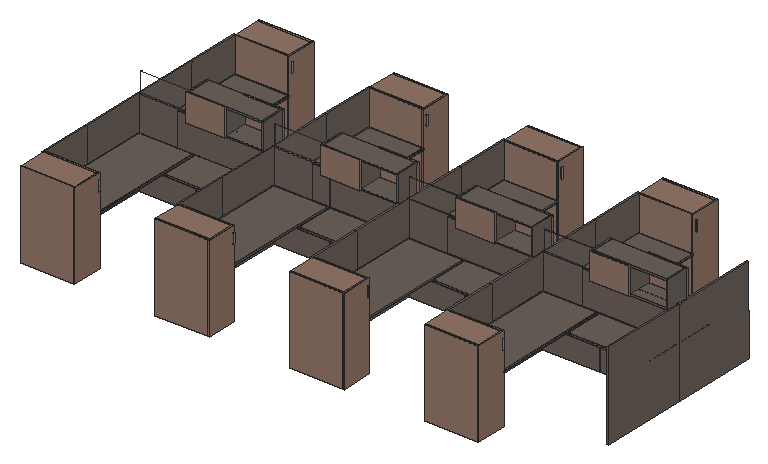
Revit family "OFS TYPICAL T200031", category Furniture, Revit 2022 (continued)
Definition of nested family "STAKS RECTANGULAR WORKSURFACES Long Grain"
  Types (26): name | Model | Description | Width
    STAKS RECTANGULAR WORKSURFACE 72 x 22 | "6-MCT-72/22" | "OFS STAKS 72 X 22 RECTANGULAR WORKSURFACE For Worksurface or Low Height Applications, Long Grain" | 6' - 0"
    STAKS RECTANGULAR WORKSURFACE 74 x 22 | "6-MCT-74/22" | "OFS STAKS 74 X 22 RECTANGULAR WORKSURFACE For Worksurface or Low Height Applications, Long Grain" | 6' - 2"
    STAKS RECTANGULAR WORKSURFACE 78 x 22 | "6-MCT-78/22" | "OFS STAKS 78 X 22 RECTANGULAR WORKSURFACE For Worksurface or Low Height Applications, Long Grain" | 6' - 6"
    STAKS RECTANGULAR WORKSURFACE 82.5 x 22 | "6-MCT-82.5/22" | "OFS STAKS 82.5 X 22 RECTANGULAR WORKSURFACE For Worksurface or Low Height Applications, Long Grain" | 6' - 10 1/2"
    STAKS RECTANGULAR WORKSURFACE 84 x 22 | "6-MCT-84/22" | "OFS STAKS 84 X 22 RECTANGULAR WORKSURFACE For Worksurface or Low Height Applications, Long Grain" | 7' - 0"
    STAKS RECTANGULAR WORKSURFACE 87.625 x 22 | "6-MCT-87.625/22" | "OFS STAKS 87.625 X 22 RECTANGULAR WORKSURFACE For Worksurface or Low Height Applications, Long Grain" | 7' - 3 5/8"
    STAKS RECTANGULAR WORKSURFACE 90 x 22 | "6-MCT-90/22" | "OFS STAKS 90 X 22 RECTANGULAR WORKSURFACE For Worksurface or Low Height Applications, Long Grain" | 7' - 6"
    STAKS RECTANGULAR WORKSURFACE 94 x 22 | "6-MCT-94/22" | "OFS STAKS 94 X 22 RECTANGULAR WORKSURFACE For Worksurface or Low Height Applications, Long Grain" | 7' - 10"
    STAKS RECTANGULAR WORKSURFACE 96 x 22 | "6-MCT-96/22" | "OFS STAKS 96 X 22 RECTANGULAR WORKSURFACE For Worksurface or Low Height Applications, Long Grain" | 8' - 0"
  Reference planes (in)
    plane 1: z = -0.125
    plane 2 "LEFT": x = 7.55498
    plane 3 "RIGHT": x = 23.17998
    plane 4 "BACK": y = -1.83365
    plane 5 "FRONT": y = -23.83365
    plane 6: x = 7.67998
    plane 7: x = 23.05498
    plane 8: y = -1.95865
    plane 9: y = -23.70865
    plane 10: z = 27.75
    plane 11 "SURFACE TOP": z = 28.875
  Forms (in)
    Extrusion 1, solid
      sketch origin (0, 0, 17.125) x (-1, 0, 0) y (0, -1, 0)
        loop
          line (-7.67998, 1.95865) -> (-7.67998, 23.70865) -> (-23.05498, 23.70865) -> (-23.05498, 1.95865) -> (-7.67998, 1.95865)
      from 11.75 to 10.625
    Sweep 2, solid
      path origin (0, 0, 28.875) x (0, 1, 0) y (-1, 0, 0)
        loop
          line (-23.83365, -7.55498) -> (-23.83365, -23.17998) -> (-1.83365, -23.17998) -> (-1.83365, -7.55498) -> (-23.83365, -7.55498)
      profile origin (15.36748, -23.83365, 28.875) x (0, 1, 0) y (0, 0, 1)
        loop
          arc (0.125, 0) -> (0.03661, -0.03661) -> (0, -0.125) r 0.125
          line (0, -0.125) -> (0, -1)
          arc (0, -1) -> (0.03661, -1.08839) -> (0.125, -1.125) r 0.125
          line (0.125, -1.125) -> (0.125, 0)
  Lines and regions (in)
    Masking region 1
      outline origin (0, 0, 16.625) x (-1, 0, 0) y (0, -1, 0)
        loop
          line (-7.67998, 1.95865) -> (-7.55498, 1.83365) -> (-7.55498, 23.83365) -> (-7.67998, 23.70865) -> (-7.67998, 1.95865)
    Masking region 2
      outline origin (0, 0, 16.625) x (-1, 0, 0) y (0, -1, 0)
        loop
          line (-7.55498, 1.83365) -> (-7.67998, 1.95865) -> (-23.05498, 1.95865) -> (-23.17998, 1.83365) -> (-7.55498, 1.83365)
    Masking region 3
      outline origin (0, 0, 16.625) x (-1, 0, 0) y (0, -1, 0)
        loop
          line (-23.17998, 1.83365) -> (-23.05498, 1.95865) -> (-23.05498, 23.70865) -> (-23.17998, 23.83365) -> (-23.17998, 1.83365)
    Masking region 4
      outline origin (0, 0, 16.625) x (-1, 0, 0) y (0, -1, 0)
        loop
          line (-23.17998, 23.83365) -> (-23.05498, 23.70865) -> (-7.67998, 23.70865) -> (-7.55498, 23.83365) -> (-23.17998, 23.83365)
    Masking region 5
      outline origin (0, 0, 16.625) x (-1, 0, 0) y (0, -1, 0)
        loop
          line (-23.05498, 23.70865) -> (-23.05498, 1.95865) -> (-7.67998, 1.95865) -> (-7.67998, 23.70865) -> (-23.05498, 23.70865)
  Dimensions and locks (in)
    "Depth": plane 4 "BACK" to plane 5 "FRONT"
    "Width": plane 2 "LEFT" to plane 3 "RIGHT"
    "Height": plane 11 "SURFACE TOP" to plane 10
    locked: plane 4 "BACK" to plane 8 at 0.125
    locked: plane 2 "LEFT" to plane 6 at 0.125
    locked: plane 7 to plane 3 "RIGHT" at 0.125
    locked: plane 9 to plane 5 "FRONT" at 0.125
    "Height Above Floor": plane 11 "SURFACE TOP" to level
    aligned: level to plane 1
    aligned and locked: plane 8 to Extrusion 1 sketch curve
    aligned and locked: Extrusion 1 sketch curve to plane 6
    aligned and locked: Extrusion 1 sketch curve to plane 9
    aligned and locked: plane 7 to Extrusion 1 sketch curve
    aligned and locked: plane 11 "SURFACE TOP" to Extrusion 1
    aligned and locked: Extrusion 1 to plane 10
    aligned and locked: Sweep 2 sketch curve to plane 5 "FRONT"
    aligned and locked: Sweep 2 sketch curve to plane 2 "LEFT"
    aligned and locked: plane 4 "BACK" to Sweep 2 sketch curve
    aligned and locked: plane 3 "RIGHT" to Sweep 2 sketch curve
  Automatic sketch dimensions
    Masking region 1 sketch curve to plane 6 = 0' - 0"
    Masking region 1 sketch curve to plane 2 "LEFT" = 0' - 0"
    Masking region 1 sketch curve to plane 4 "BACK" = 0' - 0"
    Masking region 1 sketch curve to plane 8 = 0' - 0"
    Masking region 1 sketch curve to plane 9 = 0' - 0"
    Masking region 1 sketch curve to plane 5 "FRONT" = 0' - 0"
    Masking region 2 sketch curve to plane 3 "RIGHT" = 0' - 0"
    Masking region 2 sketch curve to plane 7 = 0' - 0"
    Masking region 2 sketch curve to plane 6 = 0' - 0"
    Masking region 2 sketch curve to plane 2 "LEFT" = 0' - 0"
    Masking region 2 sketch curve to plane 4 "BACK" = 0' - 0"
    Masking region 2 sketch curve to plane 8 = 0' - 0"
    Masking region 3 sketch curve to plane 3 "RIGHT" = 0' - 0"
    Masking region 3 sketch curve to plane 7 = 0' - 0"
    Masking region 3 sketch curve to plane 4 "BACK" = 0' - 0"
    Masking region 3 sketch curve to plane 8 = 0' - 0"
    Masking region 3 sketch curve to plane 9 = 0' - 0"
    Masking region 3 sketch curve to plane 5 "FRONT" = 0' - 0"
    Masking region 4 sketch curve to plane 3 "RIGHT" = 0' - 0"
    Masking region 4 sketch curve to plane 7 = 0' - 0"
    Masking region 4 sketch curve to plane 6 = 0' - 0"
    Masking region 4 sketch curve to plane 2 "LEFT" = 0' - 0"
    Masking region 4 sketch curve to plane 9 = 0' - 0"
    Masking region 4 sketch curve to plane 5 "FRONT" = 0' - 0"
    Masking region 5 sketch curve to plane 7 = 0' - 0"
    Masking region 5 sketch curve to plane 6 = 0' - 0"
    Masking region 5 sketch curve to plane 8 = 0' - 0"
    Masking region 5 sketch curve to plane 9 = 0' - 0"
    Sweep 2 sketch curve to profile plane = 0' - 0"
    Sweep 2 sketch curve to plane 11 "SURFACE TOP" = 0' - 0"
    Sweep 2 sketch curve to profile plane = 0' - 0 1/8"
    Sweep 2 sketch curve to Sweep 2 sketch curve = 0' - 0 7/8"
Definition of nested family "STAKS WORKSURFACE HEIGHT PEDESTAL - FILE-FILE - NO RISER SUPPORT"
  Parameters (values of type "STAKS WORKSURFACE HEIGHT PEDESTAL - FILE-FILE - NO RISER SUPPORT 19in D")
    URL = "http://www.ofs.com/"
    Riser Support = 0' - 0"
    Model = "6-NW1619MPD3"
    Manufacturer = "OFS"
    Height = 2' - 3 7/8"
    Drawer Material = none
    Drawer Handle Width = 0' - 5 7/16"
    Drawer Handle Material = none
    Description = "OFS STAKS WORKSURFACE HEIGHT PEDESTAL - FILE-FILE - NO RISER SUPPORT 19\" D, Two File Drawers, Use with 22\"D Worksurfaces"
    Width = 1' - 3 5/8"
    Depth = 1' - 7 3/8"
    Default Elevation = 0' - 0"
    DH2 = 0' - 6 1/2"
    DH1 = 1' - 2 3/8"
    Copyright © = "© 2018 OFS"
    Chasis Material = none
    Catalog = "https://ofs.com/products/casegoods/private-office/staks"
    Board Thickness = 0' - 0 3/4"
    Authoring Version = "Autodesk Revit Architecture 2013"
    Assembly Code = "E2020200"
  Types (6): name | Model | Description | Depth
    STAKS WORKSURFACE HEIGHT PEDESTAL - FILE-FILE - NO RISER SUPPORT 19in D | "6-NW1619MPD3" | "OFS STAKS WORKSURFACE HEIGHT PEDESTAL - FILE-FILE - NO RISER SUPPORT 19\" D, Two File Drawers, Use with 22\"D Worksurfaces" | 1' - 7 3/8"
    STAKS WORKSURFACE HEIGHT PEDESTAL - FILE-FILE - NO RISER SUPPORT 22in D | "6-NW1622MPD3" | "OFS STAKS WORKSURFACE HEIGHT PEDESTAL - FILE-FILE - NO RISER SUPPORT 22\" D, Two File Drawers, Use with 22\"D Worksurfaces" | 1' - 9 7/8"
    STAKS WORKSURFACE HEIGHT PEDESTAL - FILE-FILE - NO RISER SUPPORT 27in D | "6-NW1627MPD3" | "OFS STAKS WORKSURFACE HEIGHT PEDESTAL - FILE-FILE - NO RISER SUPPORT 27\" D, Two File Drawers, Use with 30\"D Worksurfaces" | 2' - 3 3/8"
    STAKS WORKSURFACE HEIGHT PEDESTAL - FILE-FILE - NO RISER SUPPORT 30in D | "6-NW1630MPD3" | "OFS STAKS WORKSURFACE HEIGHT PEDESTAL - FILE-FILE - NO RISER SUPPORT 30\" D, Two File Drawers, Use with 30\"D Worksurfaces" | 2' - 5 7/8"
    STAKS WORKSURFACE HEIGHT PEDESTAL - FILE-FILE - NO RISER SUPPORT 33in D | "6-NW1633MPD3" | "OFS STAKS WORKSURFACE HEIGHT PEDESTAL - FILE-FILE - NO RISER SUPPORT 33\" D, Two File Drawers, Use with 36\"D Worksurfaces" | 2' - 9 3/8"
    STAKS WORKSURFACE HEIGHT PEDESTAL - FILE-FILE - NO RISER SUPPORT 36in D | "6-NW1636MPD3" | "OFS STAKS WORKSURFACE HEIGHT PEDESTAL - FILE-FILE - NO RISER SUPPORT 36\" D, Two File Drawers, Use with 36\"D Worksurfaces" | 2' - 11 7/8"
  Reference planes (in)
    plane 1: z = 0
    plane 2 "Right": x = 20.97711
    plane 3: z = 27.875
    plane 4: z = 14.375
    plane 5: z = 14.25
    plane 6: z = 0
    plane 7: z = 14
    plane 8: z = 27.625
    plane 9: z = 13.531
    plane 10: z = 27.15625
    plane 11: x = 13.16461
    plane 12: y = 1.37535
    plane 13: y = 0.62535
    plane 14: x = 13.22711
    plane 15: x = 28.72661
    plane 16: x = 13.91461
    plane 17: y = 20.00035
    plane 18: x = 28.78961
    plane 19: x = 28.03961
    plane 20: x = 18.25836
    plane 21: x = 18.63336
    plane 22: x = 23.69586
    plane 23: x = 23.32086
    plane 24: y = -0.18715
    plane 25: y = -0.37465
    plane 26: z = 0.25
    plane 27: y = 19.25035
    plane 28: z = 0.75
    plane 29: y = 16.75035
    plane 30: y = 4.37535
    plane 31: y = 8.37535
    plane 32: y = 12.75035
    plane 33: y = 5.00035
    plane 34: y = 13.37535
    plane 35: z = 28
  Forms (in)
    Extrusion 1, solid, material <- "Drawer Material"
      sketch origin (20.35211, 5, -13.1802) x (0, 1, 0) y (0, 0, 1)
        loop
          line (-4.37465, 27.4302) -> (-4.37465, 13.4302) -> (-3.62465, 13.4302) -> (-3.62465, 27.4302) -> (-4.37465, 27.4302)
      from -7.125 to 8.3745
    Extrusion 2, solid, material <- "Drawer Material"
      sketch origin (20.35211, 2.25, -7.68015) x (0, 1, 0) y (0, 0, 1)
        loop
          line (-1.62465, 35.55515) -> (-1.62465, 22.05515) -> (-0.87465, 22.05515) -> (-0.87465, 35.55515) -> (-1.62465, 35.55515)
      from -7.125 to 8.3745
    Extrusion 3, solid, material <- "Chasis Material"
      sketch origin (-3, -1.24965, 0) x (1, 0, 0) y (0, 0, 1)
        loop
          line (16.16461, 0) -> (16.91461, 0) -> (16.91461, 27.875) -> (16.16461, 27.875) -> (16.16461, 0)
      from -21.25 to -2.625
    Extrusion 4, solid, material <- "Chasis Material"
      sketch origin (19.35211, 31.02324, 0) x (0, 1, 0) y (0, 0, 1)
        loop
          line (-11.77289, 0) -> (-11.02289, 0) -> (-11.02289, 27.875) -> (-11.77289, 27.875) -> (-11.77289, 0)
      from -5.4375 to 8.6875
    Extrusion 5, solid, material <- "Drawer Handle Material"
      sketch origin (9, 0, 9.60933) x (1, 0, 0) y (0, 1, 0)
        loop
          line (9.25836, 0.62535) -> (9.25836, -0.37465) -> (14.69586, -0.37465) -> (14.69586, 0.62535) -> (14.32086, 0.62535) -> (14.32086, -0.18715) -> (9.63336, -0.18715) -> (9.63336, 0.62535) -> (9.25836, 0.62535)
      from 3.92167 to 4.39067
    Extrusion 6, solid, material <- "Drawer Handle Material"
      sketch origin (9, 0, 20.67137) x (1, 0, 0) y (0, 1, 0)
        loop
          line (9.25836, 0.62535) -> (9.25836, -0.37465) -> (14.69586, -0.37465) -> (14.69586, 0.62535) -> (14.32086, 0.62535) -> (14.32086, -0.18715) -> (9.63336, -0.18715) -> (9.63336, 0.62535) -> (9.25836, 0.62535)
      from 6.48488 to 6.95363
    Extrusion 7, solid, material <- "Chasis Material"
      sketch origin (0, 0, 0) x (1, 0, 0) y (0, 1, 0)
        loop
          line (28.78961, 20.00035) -> (28.03961, 20.00035) -> (28.03961, 1.37535) -> (28.78961, 1.37535) -> (28.78961, 20.00035)
      from 0 to 27.875
    Extrusion 8, solid, material <- "Chasis Material"
      sketch origin (-29.79592, -1.62465, 7.24693) x (1, 0, 0) y (0, 0, 1)
        loop
          line (43.71054, 19.90932) -> (57.83554, 19.90932) -> (57.83554, 20.62807) -> (43.71054, 20.62807) -> (43.71054, 19.90932)
      from -18.375 to -14.375
    Extrusion 9, solid, material <- "Chasis Material"
      sketch origin (-29.79592, -7.12465, 7.24693) x (1, 0, 0) y (0, 0, 1)
        loop
          line (43.71054, 19.90932) -> (57.83554, 19.90932) -> (57.83554, 20.62807) -> (43.71054, 20.62807) -> (43.71054, 19.90932)
      from -15.5 to -11.5
    Extrusion 10, solid, material <- "Chasis Material"
      sketch origin (-31.5409, -1.62465, -42.72261) x (1, 0, 0) y (0, 0, 1)
        loop
          line (45.45551, 42.72261) -> (59.58051, 42.72261) -> (59.58051, 43.47261) -> (45.45551, 43.47261) -> (45.45551, 42.72261)
      from -20.875 to -3
    Extrusion 11, solid
      sketch origin (0, 0, 0) x (1, 0, 0) y (0, 1, 0)
        loop
          line (28.72661, 20.00035) -> (28.03961, 20.00035) -> (28.03961, 13.37535) -> (13.91461, 13.37535) -> (13.91461, 20.00035) -> (13.22711, 20.00035) -> (13.22711, 1.37535) -> (13.91461, 1.37535) -> (13.91461, 4.37535) -> (28.03961, 4.37535) -> (28.03961, 1.37535) -> (28.72661, 1.37535) -> (28.72661, 20.00035)
        loop
          line (28.03961, 5.00035) -> (28.03961, 12.75035) -> (13.91461, 12.75035) -> (13.91461, 5.00035) -> (28.03961, 5.00035)
      from 27.875 to 28
  Dimensions and locks (in)
    "Board Thickness": plane 13 to plane 12
    locked: plane 11 to plane 14 at 0.0625
    "Board Thickness": plane 11 to plane 16
    locked: plane 15 to plane 18 at 0.063
    "Width": plane 11 to plane 18
    Extrusion 7 sketch curve to plane 18 = 0' - 0 3/4"
    "Board Thickness": plane 19 to plane 18
    equal spacing: plane 11, plane 2 "Right", plane 18
    locked: plane 20 to plane 21 at 0.375
    locked: plane 23 to plane 22 at 0.375
    equal spacing: plane 20, plane 2 "Right", plane 22
    "Drawer Handle Width": plane 20 to plane 22
    plane 25 to plane 24 to plane 13 = 0' - 0 3/16" locked, 0' - 0 13/16" locked
    "Riser Support": plane 6 to level
    "Height": plane 3 to plane 6
    "DH1": plane 4 to plane 6
    locked: plane 26 to plane 6 at 0.25
    "Board Thickness": plane 27 to plane 17
    "Depth": plane 13 to plane 17
    plane 4 to plane 5 to plane 7 to plane 9 = 0' - 0 1/8" locked, 0' - 0 1/4" locked, 0' - 0.469" locked
    plane 3 to plane 8 to plane 10 = 0' - 0 1/4" locked, 0' - 0 15/32" locked
    "Board Thickness": plane 28 to plane 6
    plane 12 to plane 30 to plane 31 = 0' - 3" locked, 0' - 4" locked
    plane 32 to plane 29 to plane 27 = 0' - 4" locked, 0' - 2 1/2" locked
    locked: plane 30 to plane 33 at 0.625
    locked: plane 32 to plane 34 at 0.625
    locked: plane 35 to plane 3 at 0.125
    aligned and locked: level to plane 1
    aligned and locked: Extrusion 1 to plane 14
    aligned and locked: plane 15 to Extrusion 1
    aligned and locked: Extrusion 2 to plane 12
    aligned and locked: plane 13 to Extrusion 2
    aligned and locked: plane 15 to Extrusion 2
    aligned and locked: Extrusion 2 to plane 14
    aligned and locked: plane 12 to Extrusion 3
    aligned and locked: Extrusion 3 to plane 17
    aligned and locked: Extrusion 4 to plane 16
    aligned and locked: plane 16 to Extrusion 3
    aligned and locked: Extrusion 3 to plane 11
    aligned and locked: Extrusion 4 to plane 17
    aligned and locked: Extrusion 1 sketch curve to plane 12
    aligned and locked: plane 13 to Extrusion 1 sketch curve
    aligned and locked: plane 19 to Extrusion 4
    aligned and locked: plane 3 to Extrusion 3
    aligned and locked: Extrusion 6 to plane 22
    aligned and locked: Extrusion 5 to plane 22
    aligned and locked: plane 23 to Extrusion 6
    aligned and locked: plane 23 to Extrusion 5
    aligned and locked: plane 21 to Extrusion 6
    aligned and locked: plane 21 to Extrusion 5
    aligned and locked: Extrusion 6 to plane 20
    aligned and locked: Extrusion 5 to plane 20
    aligned and locked: plane 24 to Extrusion 6
    aligned and locked: plane 7 to Extrusion 5
    aligned and locked: Extrusion 5 to plane 9
    aligned and locked: plane 3 to Extrusion 4
    aligned and locked: Extrusion 1 to plane 26
    aligned and locked: Extrusion 7 to plane 19
    aligned and locked: plane 3 to Extrusion 7
    aligned and locked: Extrusion 7 to plane 6
    aligned and locked: plane 3 to Extrusion 8
    aligned and locked: Extrusion 8 to plane 10
    aligned and locked: plane 19 to Extrusion 8
    aligned and locked: Extrusion 8 to plane 16
    aligned and locked: Extrusion 8 to plane 29
    aligned and locked: plane 32 to Extrusion 8
    aligned and locked: plane 30 to Extrusion 9
    aligned and locked: Extrusion 9 to plane 31
    aligned and locked: plane 3 to Extrusion 9
    aligned and locked: Extrusion 9 to plane 10
    aligned and locked: plane 28 to Extrusion 10
    aligned and locked: Extrusion 10 to plane 6
    aligned and locked: Extrusion 10 to plane 27
    aligned and locked: plane 12 to Extrusion 10
    aligned and locked: plane 19 to Extrusion 10
    aligned and locked: Extrusion 10 to plane 16
    aligned and locked: Extrusion 11 to plane 3
    aligned and locked: plane 35 to Extrusion 11
    aligned and locked: plane 3 to Extrusion 2
    aligned and locked: plane 8 to Extrusion 6
    aligned and locked: Extrusion 6 to plane 10
  Automatic sketch dimensions
    Extrusion 1 sketch curve to plane 26 = 0' - 0"
    Extrusion 1 sketch curve to plane 5 = 0' - 0"
    Extrusion 2 sketch curve to plane 13 = 0' - 0"
    Extrusion 2 sketch curve to plane 4 = 0' - 0"
    Extrusion 2 sketch curve to plane 12 = 0' - 0"
    Extrusion 3 sketch curve to plane 6 = 0' - 0"
    Extrusion 3 sketch curve to plane 11 = 0' - 0"
    Extrusion 3 sketch curve to plane 3 = 0' - 0"
    Extrusion 3 sketch curve to plane 16 = 0' - 0"
    Extrusion 4 sketch curve to plane 6 = 0' - 0"
    Extrusion 4 sketch curve to plane 3 = 0' - 0"
    Extrusion 4 sketch curve to plane 17 = 0' - 0"
    plane 27 to Extrusion 4 sketch curve = 0' - 0"
    plane 13 to Extrusion 5 sketch curve = 0' - 0"  (x2)
    Extrusion 5 sketch curve to plane 20 = 0' - 0"
    Extrusion 5 sketch curve to plane 21 = 0' - 0"
    Extrusion 5 sketch curve to plane 23 = 0' - 0"
    Extrusion 5 sketch curve to plane 22 = 0' - 0"
    plane 25 to Extrusion 5 sketch curve = 0' - 0"
    plane 24 to Extrusion 5 sketch curve = 0' - 0"
    plane 13 to Extrusion 6 sketch curve = 0' - 0"  (x2)
    Extrusion 6 sketch curve to plane 20 = 0' - 0"
    Extrusion 6 sketch curve to plane 21 = 0' - 0"
    Extrusion 6 sketch curve to plane 23 = 0' - 0"
    Extrusion 6 sketch curve to plane 22 = 0' - 0"
    plane 25 to Extrusion 6 sketch curve = 0' - 0"
    plane 24 to Extrusion 6 sketch curve = 0' - 0"
    plane 12 to Extrusion 7 sketch curve = 0' - 0"
    Extrusion 7 sketch curve to plane 18 = 0' - 0"
    plane 17 to Extrusion 7 sketch curve = 0' - 0"
    Extrusion 8 sketch curve to plane 10 = 0' - 0"
    Extrusion 8 sketch curve to plane 16 = 0' - 0"
    Extrusion 8 sketch curve to plane 3 = 0' - 0"
    Extrusion 8 sketch curve to plane 19 = 0' - 0"
    Extrusion 9 sketch curve to plane 10 = 0' - 0"
    Extrusion 9 sketch curve to plane 16 = 0' - 0"
    Extrusion 9 sketch curve to plane 3 = 0' - 0"
    Extrusion 9 sketch curve to plane 19 = 0' - 0"
    plane 14 to Extrusion 10 sketch curve = 0' - 0 11/16"
    Extrusion 10 sketch curve to plane 6 = 0' - 0"
    plane 6 to Extrusion 10 sketch curve = 0' - 0 3/4"
    Extrusion 10 sketch curve to plane 19 = 0' - 0"
    Extrusion 11 sketch curve to plane 14 = 0' - 0"
    Extrusion 11 sketch curve to plane 19 = 0' - 0"  (x2)
    Extrusion 11 sketch curve to plane 15 = 0' - 0"
    Extrusion 11 sketch curve to plane 13 = 0' - 0 3/4"  (x2)
    Extrusion 11 sketch curve to plane 30 = 0' - 0"
    Extrusion 11 sketch curve to plane 33 = 0' - 0"
    Extrusion 11 sketch curve to plane 34 = 0' - 0"
    Extrusion 11 sketch curve to plane 32 = 0' - 0"
    Extrusion 11 sketch curve to Extrusion 11 sketch curve = 0' - 0"  (x2)
    Extrusion 11 sketch curve to plane 16 = 0' - 0"  (x2)
    plane 17 to Extrusion 11 sketch curve = 0' - 0"  (x2)
    plane 4 to Extrusion 2 sketch curve = 1' - 1 1/2"
Definition of nested family "STAKS SPINE OR DIVIDER WALL 48in"
  Parameters (values of type "STAKS SPINE OR DIVIDER WALL 48in X 24in")
    URL = "http://www.ofs.com/"
    Height Above Floor [instance] = 4' - 0"
    Height = 4' - 0"
    Depth = 0' - 1"
    Model = "6-PAN-48/24"
    Manufacturer = "OFS"
    Description = "OFS STAKS SPINE OR DIVIDER WALL 48\" Height x 24\" Width, Levelers allow 2.5\" Height Adjustability for Uneven Floor"
    Width = 2' - 0"
    Default Elevation = 0' - 0"
    Copyright © = "© 2018 OFS"
    Catalog = "https://ofs.com/products/casegoods/private-office/staks"
    Authoring Version = "Autodesk Revit Architecture 2013"
    Assembly Code = "E2020200"
  Types (19): name | Model | Description | Width
    STAKS SPINE OR DIVIDER WALL 48in X 24in | "6-PAN-48/24" | "OFS STAKS SPINE OR DIVIDER WALL 48\" Height x 24\" Width, Levelers allow 2.5\" Height Adjustability for Uneven Floor" | 2' - 0"
    STAKS SPINE OR DIVIDER WALL 48in X 33in | "6-PAN-48/33" | "OFS STAKS SPINE OR DIVIDER WALL 48\" Height x 33\" Width, Levelers allow 2.5\" Height Adjustability for Uneven Floor" | 2' - 9"
    STAKS SPINE OR DIVIDER WALL 48in X 26in | "6-PAN-48/26" | "OFS STAKS SPINE OR DIVIDER WALL 48\" Height x 26\" Width, Levelers allow 2.5\" Height Adjustability for Uneven Floor" | 2' - 2"
    STAKS SPINE OR DIVIDER WALL 48in X 30in | "6-PAN-48/30" | "OFS STAKS SPINE OR DIVIDER WALL 48\" Height x 30\" Width, Levelers allow 2.5\" Height Adjustability for Uneven Floor" | 2' - 6"
    STAKS SPINE OR DIVIDER WALL 48in X 36in | "6-PAN-48/36" | "OFS STAKS SPINE OR DIVIDER WALL 48\" Height x 36\" Width, Levelers allow 2.5\" Height Adjustability for Uneven Floor" | 3' - 0"
    STAKS SPINE OR DIVIDER WALL 48in X 37in | "6-PAN-48/37" | "OFS STAKS SPINE OR DIVIDER WALL 48\" Height x 37\" Width, Levelers allow 2.5\" Height Adjustability for Uneven Floor" | 3' - 1"
    STAKS SPINE OR DIVIDER WALL 48in X 39in | "6-PAN-48/39" | "OFS STAKS SPINE OR DIVIDER WALL 48\" Height x 39\" Width, Levelers allow 2.5\" Height Adjustability for Uneven Floor" | 3' - 3"
    STAKS SPINE OR DIVIDER WALL 48in X 40in | "6-PAN-48/40" | "OFS STAKS SPINE OR DIVIDER WALL 48\" Height x 40\" Width, Levelers allow 2.5\" Height Adjustability for Uneven Floor" | 3' - 4"
    STAKS SPINE OR DIVIDER WALL 48in X 42in | "6-PAN-48/42" | "OFS STAKS SPINE OR DIVIDER WALL 48\" Height x 42\" Width, Levelers allow 2.5\" Height Adjustability for Uneven Floor" | 3' - 6"
    STAKS SPINE OR DIVIDER WALL 48in X 44in | "6-PAN-48/44" | "OFS STAKS SPINE OR DIVIDER WALL 48\" Height x 44\" Width, Levelers allow 2.5\" Height Adjustability for Uneven Floor" | 3' - 8"
    STAKS SPINE OR DIVIDER WALL 48in X 45in | "6-PAN-48/45" | "OFS STAKS SPINE OR DIVIDER WALL 48\" Height x 45\" Width, Levelers allow 2.5\" Height Adjustability for Uneven Floor" | 3' - 9"
    STAKS SPINE OR DIVIDER WALL 48in X 47in | "6-PAN-48/47" | "OFS STAKS SPINE OR DIVIDER WALL 48\" Height x 47\" Width, Levelers allow 2.5\" Height Adjustability for Uneven Floor" | 3' - 11"
    STAKS SPINE OR DIVIDER WALL 48in X 48in | "6-PAN-48/48" | "OFS STAKS SPINE OR DIVIDER WALL 48\" Height x 48\" Width, Levelers allow 2.5\" Height Adjustability for Uneven Floor" | 4' - 0"
    STAKS SPINE OR DIVIDER WALL 48in X 49in | "6-PAN-48/49" | "OFS STAKS SPINE OR DIVIDER WALL 48\" Height x 49\" Width, Levelers allow 2.5\" Height Adjustability for Uneven Floor" | 4' - 1"
    STAKS SPINE OR DIVIDER WALL 48in X 52in | "6-PAN-48/52" | "OFS STAKS SPINE OR DIVIDER WALL 48\" Height x 52\" Width, Levelers allow 2.5\" Height Adjustability for Uneven Floor" | 4' - 4"
    STAKS SPINE OR DIVIDER WALL 48in X 54in | "6-PAN-48/54" | "OFS STAKS SPINE OR DIVIDER WALL 48\" Height x 54\" Width, Levelers allow 2.5\" Height Adjustability for Uneven Floor" | 4' - 6"
    STAKS SPINE OR DIVIDER WALL 48in X 56in | "6-PAN-48/56" | "OFS STAKS SPINE OR DIVIDER WALL 48\" Height x 56\" Width, Levelers allow 2.5\" Height Adjustability for Uneven Floor" | 4' - 8"
    STAKS SPINE OR DIVIDER WALL 48in X 58in | "6-PAN-48/58" | "OFS STAKS SPINE OR DIVIDER WALL 48\" Height x 58\" Width, Levelers allow 2.5\" Height Adjustability for Uneven Floor" | 4' - 10"
    STAKS SPINE OR DIVIDER WALL 48in X 59in | "6-PAN-48/59" | "OFS STAKS SPINE OR DIVIDER WALL 48\" Height x 59\" Width, Levelers allow 2.5\" Height Adjustability for Uneven Floor" | 4' - 11"
  Reference planes (in)
    plane 1: z = -0.125
    plane 2 "LEFT": x = 7.55498
    plane 3 "RIGHT": x = 31.55498
    plane 4 "BACK": y = -1.83365
    plane 5 "FRONT": y = -2.83365
    plane 6: x = 7.67998
    plane 7: x = 31.42998
    plane 8: y = -1.95865
    plane 9: y = -2.70865
    plane 10: z = -0.125
    plane 11 "SURFACE TOP": z = 47.875
  Forms (in)
    Extrusion 1, solid
      sketch origin (0, 0, 17.125) x (-1, 0, 0) y (0, -1, 0)
        loop
          line (-7.55498, 1.83365) -> (-7.55498, 2.83365) -> (-31.55498, 2.83365) -> (-31.55498, 1.83365) -> (-7.55498, 1.83365)
      from 30.75 to -17.25
  Lines and regions (in)
    symbolic lines
      curve 1: line (7.55498, -1.83365, 47.875) -> (31.55498, -1.83365, 47.875)
      curve 2: line (7.55498, -2.83365, 47.875) -> (7.55498, -1.83365, 47.875)
      curve 3: line (31.55498, -2.83365, 47.875) -> (7.55498, -2.83365, 47.875)
      curve 4: line (31.55498, -1.83365, 47.875) -> (31.55498, -2.83365, 47.875)
  Dimensions and locks (in)
    "Depth": plane 4 "BACK" to plane 5 "FRONT"
    "Width": plane 2 "LEFT" to plane 3 "RIGHT"
    "Height": plane 11 "SURFACE TOP" to plane 10
    locked: plane 4 "BACK" to plane 8 at 0.125
    locked: plane 2 "LEFT" to plane 6 at 0.125
    locked: plane 7 to plane 3 "RIGHT" at 0.125
    locked: plane 9 to plane 5 "FRONT" at 0.125
    "Height Above Floor": plane 11 "SURFACE TOP" to level
    aligned: level to plane 1
    aligned and locked: plane 11 "SURFACE TOP" to Extrusion 1
    aligned and locked: Extrusion 1 to plane 10
    aligned and locked: plane 4 "BACK" to Extrusion 1 sketch curve
    aligned and locked: Extrusion 1 sketch curve to plane 2 "LEFT"
    aligned and locked: Extrusion 1 sketch curve to plane 5 "FRONT"
    aligned and locked: plane 3 "RIGHT" to Extrusion 1 sketch curve
    aligned and locked: curve 1 to Extrusion 1
    aligned and locked: curve 2 to Extrusion 1
    aligned and locked: curve 3 to Extrusion 1
    aligned and locked: curve 4 to Extrusion 1
Definition of nested family "STAKS FROSTED ACRYLIC WORKSURFACE PRIVACY PANEL"
  Parameters (values of type "STAKS FROSTED ACRYLIC WORKSURFACE PRIVACY PANEL 22")
    Width = 1' - 10"
    URL = "http://www.ofs.com/"
    Model = "6-PVPA-22/11"
    Manufacturer = "OFS"
    Height From Floor = 4' - 11"
    Height = 0' - 11"
    Description = "OFS STAKS FROSTED ACRYLIC WORKSURFACE PRIVACY PANEL 22\""
    Depth = 0' - 0 1/4"
    Default Elevation = 0' - 0"
    Copyright © = "© 2018 OFS"
    Catalog = "https://ofs.com/products/casegoods/private-office/staks"
    Panel Material = none
    Authoring Version = "Autodesk Revit Architecture 2013"
    Assembly Code = "E2020200"
  Types (2): name | Width | Model | Description
    STAKS FROSTED ACRYLIC WORKSURFACE PRIVACY PANEL 22 | 1' - 10" | "6-PVPA-22/11" | "OFS STAKS FROSTED ACRYLIC WORKSURFACE PRIVACY PANEL 22\""
    STAKS FROSTED ACRYLIC WORKSURFACE PRIVACY PANEL 30 | 2' - 6" | "6-PVPA-30/11" | "OFS STAKS FROSTED ACRYLIC WORKSURFACE PRIVACY PANEL 30\""
  Reference planes (in)
    plane 1: z = 0
    plane 2 "Center (Front/Back)": y = 2.75035
    plane 3 "LEFT": x = -27.5
    plane 4 "BASE TOP": z = 59
    plane 5 "RIGHT": x = -5.5
    plane 6: z = 48
    plane 7: y = 2.87535
    plane 8 "CENTER": x = -16.5
    plane 9: y = 2.62535
  Forms (in)
    Extrusion 1, solid, material <- "Panel Material"
      sketch origin (0, 2.75035, 0) x (1, 0, 0) y (0, 0, 1)
        loop
          line (-27.5, 59) -> (-27.5, 48) -> (-5.5, 48) -> (-5.5, 59) -> (-27.5, 59)
      from -0.125 to 0.125
  Dimensions and locks (in)
    "Height From Floor": plane 4 "BASE TOP" to plane 1
    "Height": plane 4 "BASE TOP" to plane 6
    equal spacing: plane 3 "LEFT", plane 8 "CENTER", plane 5 "RIGHT"
    equal spacing: plane 9, plane 2 "Center (Front/Back)", plane 7
    "Width": plane 3 "LEFT" to plane 5 "RIGHT"
    "Depth": plane 9 to plane 7
    aligned and locked: level to plane 1
    aligned and locked: Extrusion 1 sketch curve to plane 4 "BASE TOP"
    aligned and locked: plane 3 "LEFT" to Extrusion 1 sketch curve
    aligned and locked: Extrusion 1 sketch curve to plane 6
    aligned and locked: Extrusion 1 sketch curve to plane 5 "RIGHT"
    aligned and locked: Extrusion 1 to plane 7
    aligned and locked: plane 9 to Extrusion 1
Definition of nested family "STAKS FABRIC TACKBOARD FOR SPINE OR DIVIDER WALL"
  Parameters (values of type "STAKS FABRIC TACKBOARD FOR SPINE OR DIVIDER WALL 12H x 27-48.9375W")
    URL = "http://www.ofs.com/"
    Height Above Floor [instance] = 3' - 5 1/2"
    Height = 1' - 0"
    Depth = 0' - 0 1/2"
    Model = "FT30A"
    Manufacturer = "OFS"
    Description = "OFS STAKS FABRIC TACKBOARD FOR SPINE OR DIVIDER WALL 12\" Height X 27\" - 48.9375\" Width, Any Width in 1/8\" Increments available within Ranges Shown"
    Width = 2' - 3"
    Default Elevation = 0' - 0"
    Copyright © = "© 2018 OFS"
    Catalog = "https://ofs.com/products/casegoods/private-office/staks"
    Authoring Version = "Autodesk Revit Architecture 2013"
    Assembly Code = "E2020200"
  Types (6): name | Height Above Floor | Height | Model | Description | Width
    STAKS FABRIC TACKBOARD FOR SPINE OR DIVIDER WALL 12H x 27-48.9375W | 3' - 5 1/2" | 1' - 0" | "FT30A" | "OFS STAKS FABRIC TACKBOARD FOR SPINE OR DIVIDER WALL 12\" Height X 27\" - 48.9375\" Width, Any Width in 1/8\" Increments available within Ranges Shown" | 2' - 3"
    STAKS FABRIC TACKBOARD FOR SPINE OR DIVIDER WALL 12H x 74-96W | 3' - 5 1/2" | 1' - 0" | "FT30C" | "OFS STAKS FABRIC TACKBOARD FOR SPINE OR DIVIDER WALL 12\" Height X 74\" - 96\" Width, Any Width in 1/8\" Increments available within Ranges Shown" | 6' - 2"
    STAKS FABRIC TACKBOARD FOR SPINE OR DIVIDER WALL 12H x 49-73.9375W | 3' - 5 1/2" | 1' - 0" | "FT30B" | "OFS STAKS FABRIC TACKBOARD FOR SPINE OR DIVIDER WALL 12\" Height X 49\" - 73.9375\" Width, Any Width in 1/8\" Increments available within Ranges Shown" | 4' - 1"
    STAKS FABRIC TACKBOARD FOR SPINE OR DIVIDER WALL 18H x 27-48.9375W | 3' - 11 1/2" | 1' - 6" | "FT30D" | "OFS STAKS FABRIC TACKBOARD FOR SPINE OR DIVIDER WALL 18\" Height X 27\" - 48.9375\" Width, Any Width in 1/8\" Increments available within Ranges Shown" | 2' - 3"
    STAKS FABRIC TACKBOARD FOR SPINE OR DIVIDER WALL 18H x 49-73.9375W | 3' - 11 1/2" | 1' - 6" | "FT30E" | "OFS STAKS FABRIC TACKBOARD FOR SPINE OR DIVIDER WALL 18\" Height X 49\" - 73.9375\" Width, Any Width in 1/8\" Increments available within Ranges Shown" | 4' - 1"
    STAKS FABRIC TACKBOARD FOR SPINE OR DIVIDER WALL 18H x 74-96W | 3' - 11 1/2" | 1' - 6" | "FT30F" | "OFS STAKS FABRIC TACKBOARD FOR SPINE OR DIVIDER WALL 18\" Height X 74\" - 96\" Width, Any Width in 1/8\" Increments available within Ranges Shown" | 6' - 2"
  Reference planes (in)
    plane 1: z = -0.125
    plane 2 "LEFT": x = 7.55498
    plane 3 "RIGHT": x = 34.55498
    plane 4 "BACK": y = -1.83365
    plane 5 "FRONT": y = -2.33365
    plane 6: x = 7.67998
    plane 7: x = 34.42998
    plane 8: y = -1.95865
    plane 9: y = -2.20865
    plane 10: z = 29.375
    plane 11 "SURFACE TOP": z = 41.375
  Forms (in)
    Extrusion 1, solid
      sketch origin (0, 0, 17.125) x (-1, 0, 0) y (0, -1, 0)
        loop
          line (-7.55498, 1.83365) -> (-7.55498, 2.33365) -> (-34.55498, 2.33365) -> (-34.55498, 1.83365) -> (-7.55498, 1.83365)
      from 24.25 to 12.25
  Dimensions and locks (in)
    "Depth": plane 4 "BACK" to plane 5 "FRONT"
    "Width": plane 2 "LEFT" to plane 3 "RIGHT"
    "Height": plane 11 "SURFACE TOP" to plane 10
    locked: plane 4 "BACK" to plane 8 at 0.125
    locked: plane 2 "LEFT" to plane 6 at 0.125
    locked: plane 7 to plane 3 "RIGHT" at 0.125
    locked: plane 9 to plane 5 "FRONT" at 0.125
    "Height Above Floor": plane 11 "SURFACE TOP" to level
    aligned: level to plane 1
    aligned and locked: plane 11 "SURFACE TOP" to Extrusion 1
    aligned and locked: Extrusion 1 to plane 10
    aligned and locked: plane 4 "BACK" to Extrusion 1 sketch curve
    aligned and locked: Extrusion 1 sketch curve to plane 2 "LEFT"
    aligned and locked: Extrusion 1 sketch curve to plane 5 "FRONT"
    aligned and locked: plane 3 "RIGHT" to Extrusion 1 sketch curve
Definition of nested family "STAKS BENCHING CANTILEVER WORKSURFACE BRACKET - OPEN"
  Parameters (values of type "STAKS CANTILEVER WORKSURFACE BRACKET - OPEN 36in")
    Width = 0' - 1 1/2"
    URL = "http://www.ofs.com/"
    Model = "OWSBKT36"
    Manufacturer = "OFS"
    Height From Floor = 2' - 3 7/8"
    Height = 0' - 7"
    Description = "OFS STAKS BENCHING CANTILEVER WORKSURFACE BRACKET - Open Cantilever Worksurface Bracket for 36\"W Top"
    Depth = 2' - 4"
    Default Elevation = 0' - 0"
    Copyright © = "© 2018 OFS"
    Catalog = "https://ofs.com/products/open-plan/benching/staks"
    Bracket Material = none
    Authoring Version = "Autodesk Revit Architecture 2013"
    Assembly Code = "E2020200"
    Alpha = 0' - 1"
  Types (4): name | URL | Model | Manufacturer | Description | Depth | Copyright © | Catalog | Alpha
    CANTILEVER WORKSURFACE BRACKET - OPEN 14in | "http://www.ofsbrands.com/" | "OWSBKT14" | "FIRST OFFICE" | "OFS BRANDS FIRST OFFICE STAKS BENCHING CANTILEVER WORKSURFACE BRACKET - Open Cantilever Worksurface Bracket for 14\"W Top" | 0' - 11" | "© 2018 OFS BRANDS" | "http://www.firstoffice.com/products/crossover/staks_benching/" | 0' - 0 1/2"
    CANTILEVER WORKSURFACE BRACKET - OPEN 22in | "http://www.ofsbrands.com/" | "OWSBKT22" | "FIRST OFFICE" | "OFS BRANDS FIRST OFFICE STAKS BENCHING CANTILEVER WORKSURFACE BRACKET - Open Cantilever Worksurface Bracket for 22\"W Top" | 1' - 4" | "© 2018 OFS BRANDS" | "http://www.firstoffice.com/products/crossover/staks_benching/" | 0' - 0 5/8"
    CANTILEVER WORKSURFACE BRACKET - OPEN 30in | "http://www.ofsbrands.com/" | "OWSBKT30" | "FIRST OFFICE" | "OFS BRANDS FIRST OFFICE STAKS BENCHING CANTILEVER WORKSURFACE BRACKET - Open Cantilever Worksurface Bracket for 30\"W Top" | 1' - 10" | "© 2018 OFS BRANDS" | "http://www.firstoffice.com/products/crossover/staks_benching/" | 0' - 0 7/8"
    STAKS CANTILEVER WORKSURFACE BRACKET - OPEN 36in | "http://www.ofs.com/" | "OWSBKT36" | "OFS" | "OFS STAKS BENCHING CANTILEVER WORKSURFACE BRACKET - Open Cantilever Worksurface Bracket for 36\"W Top" | 2' - 4" | "© 2018 OFS" | "https://ofs.com/products/open-plan/benching/staks" | 0' - 1"
  Reference planes (in)
    plane 1: z = 0
    plane 2 "Center (Front/Back)": y = -11.12465
    plane 3 "LEFT": x = -17.25
    plane 4 "BASE TOP": z = 27.875
    plane 5 "RIGHT": x = -15.75
    plane 6: z = 20.875
    plane 7: y = 2.87535
    plane 8 "CENTER": x = -16.5
    plane 9: y = -25.12465
    plane 10: z = 25.875
    plane 11: y = 0.87535
    plane 12: z = 21.375
    plane 13: y = -24.62465
    plane 14: x = -16.375
    plane 15: x = -16.625
    plane 16: y = -23.62465
  Forms (in)
    Extrusion 1, solid, material <- "Bracket Material"
      sketch origin (-16.5, 0, 0) x (0, 1, 0) y (0, 0, 1)
        loop
          line (-25.12465, 27.875) -> (-25.12465, 27.82031) -> (0.8527, 27.82031) -> (2.82066, 25.85235) -> (2.82066, 20.875) -> (2.87535, 20.875) -> (2.87535, 25.875) -> (0.87535, 27.875) -> (-25.12465, 27.875)
      from -0.75 to 0.75
    Extrusion 2, solid
      sketch origin (-16.5, 0, 0) x (0, 1, 0) y (0, 0, 1)
        loop
          line (2.82066, 21.375) -> (2.82066, 21.66876) -> (-23.62465, 27.82031) -> (-24.62465, 27.82031) -> (2.82066, 21.375)
      from -0.125 to 0.125
    Extrusion 3, void
      sketch origin (0, -11.12465, 0) x (1, 0, 0) y (0, 0, 1)
        loop
          circle (-16.99183, 23.37543) r 0.09375
        loop
          circle (-16.99183, 25.56923) r 0.09375
        loop
          circle (-16.99183, 21.18077) r 0.09375
        loop
          line (-16.10192, 24.58008) -> (-16.10192, 24.41381)
          arc (-16.10192, 24.41381) -> (-16.00817, 24.32006) -> (-15.91442, 24.41381) r 0.09375
          line (-15.91442, 24.41381) -> (-15.91442, 24.58008)
          arc (-15.91442, 24.58008) -> (-16.00817, 24.67383) -> (-16.10192, 24.58008) r 0.09375
        loop
          arc (-16.10192, 22.16992) -> (-16.00817, 22.07617) -> (-15.91442, 22.16992) r 0.09375
          line (-15.91442, 22.16992) -> (-15.91442, 22.33619)
          arc (-15.91442, 22.33619) -> (-16.00817, 22.42994) -> (-16.10192, 22.33619) r 0.09375
          line (-16.10192, 22.33619) -> (-16.10192, 22.16992)
      from -14 to -3.47735
    Extrusion 4, void
      sketch origin (0, 0, 0) x (1, 0, 0) y (0, 1, 0)
        loop
          circle (-16.93617, 0.25038) r 0.09375
        loop
          circle (-16.06383, -1.74962) r 0.09375
        loop
          circle (-16.93617, -3.74962) r 0.09375
        loop
          circle (-16.06383, -5.74962) r 0.09375
        loop
          circle (-16.93617, -7.74962) r 0.09375
        loop
          circle (-16.06383, -9.74962) r 0.09375
        loop
          circle (-16.93617, -11.74962) r 0.09375
        loop
          circle (-16.06383, -13.74962) r 0.09375
        loop
          circle (-16.93617, -15.74962) r 0.09375
        loop
          circle (-16.06383, -17.74962) r 0.09375
        loop
          circle (-16.93617, -19.74962) r 0.09375
        loop
          circle (-16.06383, -21.74962) r 0.09375
        loop
          circle (-16.93617, -23.74962) r 0.09375
        loop
          circle (-16.06383, -25.74962) r 0.09375
        loop
          circle (-16.93617, -27.74962) r 0.09375
        loop
          circle (-16.06383, -29.74962) r 0.09375
      from 25.0365 to 29.23009
    Extrusion 5, void
      sketch origin (0, 0, 0) x (1, 0, 0) y (0, 1, 0)
        loop
          circle (-16.93617, 0.25038) r 0.09375
        loop
          circle (-16.06383, -1.74962) r 0.09375
        loop
          circle (-16.93617, -3.74962) r 0.09375
        loop
          circle (-16.06383, -5.74962) r 0.09375
        loop
          circle (-16.93617, -7.74962) r 0.09375
        loop
          circle (-16.06383, -9.74962) r 0.09375
        loop
          circle (-16.93617, -11.74962) r 0.09375
        loop
          circle (-16.06383, -13.74962) r 0.09375
        loop
          circle (-16.93617, -15.74962) r 0.09375
        loop
          circle (-16.06383, -17.74962) r 0.09375
        loop
          circle (-16.93617, -19.74962) r 0.09375
        loop
          circle (-16.06383, -21.74962) r 0.09375
        loop
          circle (-16.93617, -23.74962) r 0.09375
        loop
          circle (-16.06383, -25.74962) r 0.09375
        loop
          circle (-16.93617, -27.74962) r 0.09375
        loop
          circle (-16.06383, -29.74962) r 0.09375
      from 25.0365 to 29.23009
  Cuts and joins
    Extrusion 3, Extrusion 4 cuts Extrusion 1
  Dimensions and locks (in)
    "Height From Floor": plane 4 "BASE TOP" to plane 1
    "Height": plane 4 "BASE TOP" to plane 6
    equal spacing: plane 3 "LEFT", plane 8 "CENTER", plane 5 "RIGHT"
    equal spacing: plane 9, plane 2 "Center (Front/Back)", plane 7
    "Width": plane 3 "LEFT" to plane 5 "RIGHT"
    "Depth": plane 9 to plane 7
    locked: plane 4 "BASE TOP" to plane 10 at 2
    locked: plane 7 to plane 11 at 2
    locked: plane 13 to plane 9 at 0.5
    locked: plane 6 to plane 12 at 0.5
    plane 14 to plane 8 "CENTER" to plane 15 = 0' - 0 1/8" locked, 0' - 0 1/8" locked
    "Alpha": plane 16 to plane 13
    aligned and locked: level to plane 1
    aligned and locked: Extrusion 1 sketch curve to plane 4 "BASE TOP"
    aligned and locked: plane 7 to Extrusion 1 sketch curve
    aligned and locked: plane 9 to Extrusion 1 sketch curve
    aligned and locked: plane 6 to Extrusion 1 sketch curve
    aligned and locked: Extrusion 1 to plane 3 "LEFT"
    aligned and locked: plane 5 "RIGHT" to Extrusion 1
    aligned and locked: Extrusion 2 sketch curve to Extrusion 1
    aligned and locked: plane 15 to Extrusion 2
    aligned and locked: plane 14 to Extrusion 2
    aligned and locked: Extrusion 1 to Extrusion 2 sketch curve
    aligned and locked: Extrusion 3 to plane 7
  Automatic sketch dimensions
    plane 7 to Extrusion 1 sketch curve = 0' - 0 7/128"
    Extrusion 1 sketch curve to plane 11 = 0' - 0"
    plane 10 to Extrusion 1 sketch curve = 0' - 0"
    plane 11 to Extrusion 1 sketch curve = 0' - 0.02265"
    plane 10 to Extrusion 1 sketch curve = 0' - 0.02265"
    plane 4 "BASE TOP" to Extrusion 1 sketch curve = 0' - 0 7/128"
    Extrusion 2 sketch curve to plane 13 = 0' - 0"
    plane 12 to Extrusion 2 sketch curve = 0' - 0"
    Extrusion 2 sketch curve to plane 16 = 0' - 0"
    Extrusion 2 sketch curve to Extrusion 2 sketch curve = 0' - 0.29376"
    plane 14 to Extrusion 3 sketch curve = 0' - 0.27308"
    Extrusion 3 sketch curve to plane 5 "RIGHT" = 0' - 0.16442"  (x2)
    Extrusion 3 sketch curve to plane 12 = 0' - 0.79492"
    Extrusion 3 sketch curve to Extrusion 3 sketch curve = 0' - 0 3/16"
    plane 3 "LEFT" to Extrusion 3 sketch curve = 0' - 0.25817"  (x3)
    Extrusion 3 sketch curve to Extrusion 3 sketch curve = 0' - 0.16626"  (x2)
    plane 10 to Extrusion 3 sketch curve = 0' - 1.46119"
    plane 12 to Extrusion 3 sketch curve = 0' - 0.19423"
    Extrusion 3 sketch curve to Extrusion 3 sketch curve = 0' - 1.03838"
    plane 10 to Extrusion 3 sketch curve = 0' - 0.30577"
    Extrusion 4 sketch curve to Extrusion 4 sketch curve = 0' - 2"  (x15)
    Extrusion 4 sketch curve to Extrusion 4 sketch curve = 0' - 0"  (x7)
    Extrusion 4 sketch curve to Extrusion 4 sketch curve = 0' - 0.87233"  (x8)
    Extrusion 5 sketch curve to Extrusion 5 sketch curve = 0' - 2"  (x15)
    Extrusion 5 sketch curve to Extrusion 5 sketch curve = 0' - 0"  (x7)
    Extrusion 5 sketch curve to Extrusion 5 sketch curve = 0' - 0.87233"  (x8)
    radius of Extrusion 3 sketch curve = 0' - 0 3/32"  (x3)
    radius of Extrusion 4 sketch curve = 0' - 0 3/32"  (x16)
    radius of Extrusion 5 sketch curve = 0' - 0 3/32"  (x16)
Definition of nested family "STAKS BENCHING CANTILEVER WORKSURFACE BRACKET - MINI CONCEALED"
  Parameters (values of type "STAKS CANTILEVER WORKSURFACE BRACKET - MINI CONCEALED")
    Width = 0' - 1 1/2"
    URL = "http://www.ofs.com/"
    Model = "WSBKTC"
    Manufacturer = "OFS"
    Height From Floor = 2' - 3 7/8"
    Height = 0' - 3 1/2"
    Description = "OFS STAKS BENCHING CANTILEVER WORKSURFACE BRACKET - Low Profile Concealed Cantilever Bracket"
    Depth = 0' - 3 1/2"
    Default Elevation = 0' - 0"
    Copyright © = "© 2018 OFS"
    Catalog = "https://ofs.com/products/open-plan/benching/staks"
    Bracket Material = none
    Authoring Version = "Autodesk Revit Architecture 2013"
    Assembly Code = "E2020200"
  Reference planes (in)
    plane 1: z = 0
    plane 2 "Center (Front/Back)": y = 1.12535
    plane 3 "LEFT": x = -17.25
    plane 4 "BASE TOP": z = 27.875
    plane 5 "RIGHT": x = -15.75
    plane 6: z = 24.375
    plane 7: y = 2.87535
    plane 8 "CENTER": x = -16.5
    plane 9: y = -0.62465
    plane 10: z = 26.875
    plane 11: y = 1.87535
    plane 12: z = 24.875
    plane 13: y = -0.12465
    plane 14: x = -16.375
    plane 15: x = -16.625
    plane 16: y = 0.50035
  Forms (in)
    Extrusion 1, solid, material <- "Bracket Material"
      sketch origin (-16.5, 0, 0) x (0, 1, 0) y (0, 0, 1)
        loop
          line (-0.62465, 27.875) -> (-0.62465, 27.82031) -> (1.8527, 27.82031) -> (2.82066, 26.85235) -> (2.82066, 24.375) -> (2.87535, 24.375) -> (2.87535, 26.875) -> (1.87535, 27.875) -> (-0.62465, 27.875)
      from -0.75 to 0.75
    Extrusion 2, void
      sketch origin (0, 1.12535, 0) x (1, 0, 0) y (0, 0, 1)
        loop
          circle (-16.99183, 26.15668) r 0.09375
        loop
          circle (-16.00817, 25.13628) r 0.09375
      from -1.75 to -1.1009
    Extrusion 3, void
      sketch origin (0, 0, 0) x (1, 0, 0) y (0, 1, 0)
        loop
          circle (-16.93617, 1.09413) r 0.09375
        loop
          circle (-16.06383, -0.12462) r 0.09375
      from 25.0365 to 29.23009
  Cuts and joins
    Extrusion 2, Extrusion 3 cuts Extrusion 1
  Dimensions and locks (in)
    "Height From Floor": plane 4 "BASE TOP" to plane 1
    "Height": plane 4 "BASE TOP" to plane 6
    equal spacing: plane 3 "LEFT", plane 8 "CENTER", plane 5 "RIGHT"
    equal spacing: plane 9, plane 2 "Center (Front/Back)", plane 7
    "Width": plane 3 "LEFT" to plane 5 "RIGHT"
    "Depth": plane 9 to plane 7
    locked: plane 4 "BASE TOP" to plane 10 at 1
    locked: plane 7 to plane 11 at 1
    locked: plane 13 to plane 9 at 0.5
    locked: plane 6 to plane 12 at 0.5
    plane 14 to plane 8 "CENTER" to plane 15 = 0' - 0 1/8" locked, 0' - 0 1/8" locked
    plane 16 to plane 13 = 0' - 0 5/8"
    aligned and locked: level to plane 1
    aligned and locked: plane 4 "BASE TOP" to Extrusion 1 sketch curve
    aligned and locked: plane 7 to Extrusion 1 sketch curve
    aligned and locked: plane 9 to Extrusion 1 sketch curve
    aligned and locked: plane 6 to Extrusion 1 sketch curve
    aligned and locked: Extrusion 1 to plane 3 "LEFT"
    aligned and locked: plane 5 "RIGHT" to Extrusion 1
    aligned and locked: Extrusion 2 to plane 7
  Automatic sketch dimensions
    plane 7 to Extrusion 1 sketch curve = 0' - 0 7/128"
    Extrusion 1 sketch curve to plane 11 = 0' - 0"
    plane 10 to Extrusion 1 sketch curve = 0' - 0"
    plane 11 to Extrusion 1 sketch curve = 0' - 0.02265"
    plane 10 to Extrusion 1 sketch curve = 0' - 0.02265"
    plane 4 "BASE TOP" to Extrusion 1 sketch curve = 0' - 0 7/128"
    Extrusion 3 sketch curve to Extrusion 3 sketch curve = 0' - 1 7/32"
    plane 3 "LEFT" to Extrusion 2 sketch curve = 0' - 0.25817"
    Extrusion 2 sketch curve to plane 5 "RIGHT" = 0' - 0.25817"
    Extrusion 2 sketch curve to plane 12 = 0' - 0.26128"
    Extrusion 2 sketch curve to Extrusion 2 sketch curve = 0' - 1.0204"
    plane 15 to Extrusion 3 sketch curve = 0' - 0.31117"
    plane 14 to Extrusion 3 sketch curve = 0' - 0.31117"
    Extrusion 3 sketch curve to plane 9 = 0' - 0.50003"
    radius of Extrusion 3 sketch curve = 0' - 0 3/32"  (x2)
    radius of Extrusion 2 sketch curve = 0' - 0 3/32"  (x2)
